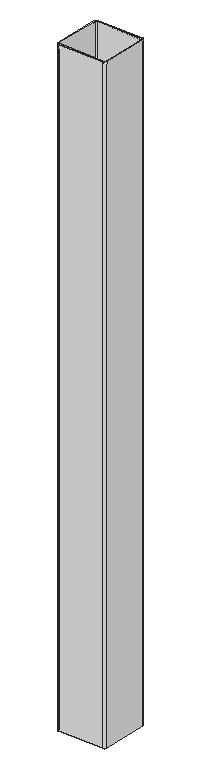
Revit family "SHS-정사각형 속 빈 단면-기둥", category 구조 기둥, Revit 2026
Family settings
  단면 모양 = 정의되지 않음
  모델 동작 재료 = 스틸
  항상 형상으로 내보내기 = 아니오
  평면의 보 전환 = 경계 상자에서
  로드될 때 보이드를 사용하여 절단 = 아니오
  기호 표현 = 프로젝트 설정에서
  공유 = 아니오
  평면도에서 미리 절단된 패밀리 표시 = 예
Parameters (values of type "200x200xSHS")
  Structural Material [instance] = 금속 - 스틸 - 345 MPa
  A = 38.70 m²
  Ix = 0
  M = 30.4
  Zx = 0
  b = 200 mm
  h = 200 mm
  tr = 2 * t  # 10 mm
  t = 5 mm
Reference planes
  plane 1 "중심(앞/뒤)": y = 0
  plane 2: z = 0
  plane 3 "중심(왼쪽/오른쪽)": x = 0
  plane 4: x = -100
  plane 5: x = 100
  plane 6: y = 100
  plane 7: y = -100
  plane 8: x = -90
  plane 9: y = -90
  plane 10: y = 90
  plane 11: x = 90
Forms (mm)
  Extrusion 1, solid, material "금속 - 스틸 - 345 MPa" <- "Structural Material", detail levels medium
    sketch origin (0, 0, 0) x (1, 0, 0) y (0, 1, 0)
      loop
        line (-100, 100) -> (-100, -100) -> (100, -100) -> (100, 100) -> (-100, 100)
      loop
        line (-95, 95) -> (-95, -95) -> (95, -95) -> (95, 95) -> (-95, 95)
    from 0 to 2500
  Extrusion 2, solid, material "금속 - 스틸 - 345 MPa" <- "Structural Material", detail levels fine
    sketch origin (0, 0, 0) x (1, 0, 0) y (0, 1, 0)
      loop
        arc (-90, 100) -> (-97.071, 97.071) -> (-100, 90) r 10
        line (-100, 90) -> (-100, -90)
        arc (-100, -90) -> (-97.071, -97.071) -> (-90, -100) r 10
        line (-90, -100) -> (90, -100)
        arc (90, -100) -> (97.071, -97.071) -> (100, -90) r 10
        line (100, -90) -> (100, 90)
        arc (100, 90) -> (97.071, 97.071) -> (90, 100) r 10
        line (90, 100) -> (-90, 100)
      loop
        arc (-90, 95) -> (-93.536, 93.536) -> (-95, 90) r 5
        line (-95, 90) -> (-95, -90)
        arc (-95, -90) -> (-93.536, -93.536) -> (-90, -95) r 5
        line (-90, -95) -> (90, -95)
        arc (90, -95) -> (93.536, -93.536) -> (95, -90) r 5
        line (95, -90) -> (95, 90)
        arc (95, 90) -> (93.536, 93.536) -> (90, 95) r 5
        line (90, 95) -> (-90, 95)
    from 0 to 2500
Lines and regions (mm)
  symbolic lines, style "StructuralColumnStickSymbols", detail levels coarse
    curve 1: line (-100, 100, 0) -> (100, 100, 0)
    curve 2: line (-100, -100, 0) -> (100, -100, 0)
    curve 5: line (-100, 100, 0) -> (-100, -100, 0)
    curve 6: line (100, 100, 0) -> (100, -100, 0)
  symbolic lines, style "숨겨진 면", detail levels medium+fine
    curve 3: line (-95, 0, 0) -> (-95, 0, 2500)
    curve 4: line (95, 0, 2500) -> (95, 0, 0)
Dimensions and locks
  equal spacing: plane 4, plane 3 "중심(왼쪽/오른쪽)", plane 5
  equal spacing: plane 7, plane 1 "중심(앞/뒤)", plane 6
  "h": plane 7 to plane 6
  "b": plane 4 to plane 5
  "t": Extrusion 1 sketch curve to plane 5
  "t": plane 4 to Extrusion 1 sketch curve
  "t": Extrusion 1 sketch curve to plane 6
  "t": Extrusion 1 sketch curve to plane 7
  "t": Extrusion 2 sketch curve to plane 6
  "t": Extrusion 2 sketch curve to plane 5
  "t": plane 4 to Extrusion 2 sketch curve
  "t": Extrusion 2 sketch curve to plane 7
  "tr": plane 10 to plane 6
  "tr": plane 7 to plane 9
  "tr": plane 11 to plane 5
  "tr": plane 4 to plane 8
  aligned and locked: plane 6 to Extrusion 1 sketch curve
  aligned and locked: Extrusion 1 sketch curve to plane 7
  aligned and locked: Extrusion 1 sketch curve to plane 4
  aligned and locked: plane 5 to Extrusion 1 sketch curve
  aligned and locked: level to Extrusion 1
  aligned and locked: level to plane 2
  aligned and locked: Extrusion 1 to plane 2
  aligned and locked: curve 1 to Extrusion 2 sketch curve
  aligned and locked: Extrusion 2 sketch curve to Extrusion 1
  aligned and locked: level to Extrusion 2
  aligned and locked: curve 4 to Extrusion 2
  aligned and locked: curve 3 to Extrusion 2
Automatic sketch dimensions
  Extrusion 2 sketch curve to plane 8 = 0 mm  (x4)
  Extrusion 2 sketch curve to plane 7 = 0 mm
  Extrusion 2 sketch curve to plane 11 = 0 mm
  Extrusion 2 sketch curve to plane 10 = 0 mm  (x2)
  Extrusion 2 sketch curve to plane 9 = 0 mm  (x2)
  curve 3 to level = 0 mm  (x2)
  curve 4 to level = 0 mm  (x2)
  curve 5 to plane 4 = 0 mm
  curve 2 to plane 5 = 0 mm
  curve 5 to plane 7 = 0 mm
  curve 5 to plane 6 = 0 mm
